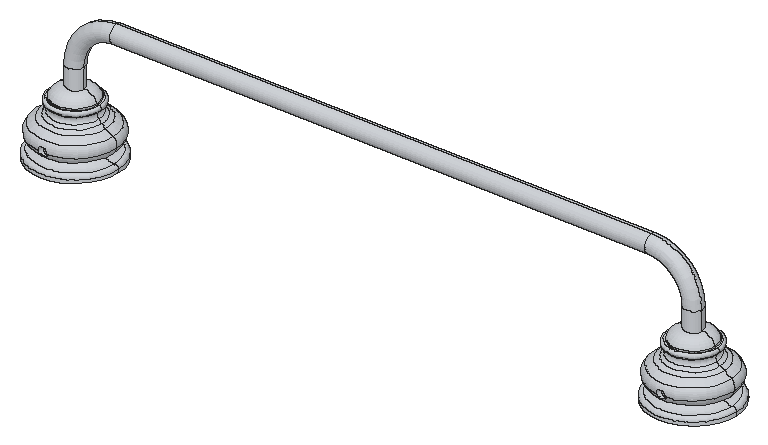
Revit family "Accessory-Towel_Bar-KOHLER-Fairfax-K-12150", category Specialty Equipment, host Face, Revit 2015
Parameters (values of type "CP-Polished Chrome")
  Width = 3 7/8"  # constant formula
  URL = "https://www.us.kohler.com/us/"
  Type = 1
  Product Page URL = "http://www.us.kohler.com/us/catalog/productDetails.jsp?productNumber=12150"
  Product Name = "Fairfax"  # constant formula
  Product Documentation Link = "http://www.us.kohler.com/onlinecatalog/pdf/K-12150_spec.pdf"
  Model = if(Type = 1, "K-12150-CP", if(Type = 2, "K-12150-BN", if(Type = 3, "K-12150-2BZ", "NA")))  # "K-12150-CP"
  Material = "Brass Construction"  # constant formula
  MasterFormat 2004 = "10.28.13"  # constant formula
  MasterFormat 1995 = "10820"  # constant formula
  Manufacturer Address = "444 Highland Dr, Kohler, WI 53044"  # constant formula
  Manufacturer = "KOHLER Co."  # constant formula
  Length = 18"  # constant formula
  Height = 2 1/2"  # constant formula
  Finish = Kohler-Metal-CP-Polished_Chrome
  Environmental Product Declaration = ""
  Description = "18 inch Towel Bar"  # constant formula
  Default Elevation = 42"
  Declare Label = ""
  Date Modified = "11/22/2018"  # constant formula
  Date Created = "11/22/2018"  # constant formula
  Copyright = "Copyright KOHLER Co."  # constant formula
  Contact Us = "https://www.us.kohler.com/us/static/contact.jsp"
  Assembly Code = "C1030200"
  ADA Compliant = 1 = 0  # no
Types (4): name | Type | Model | Finish
  (no name) | 1 | "K-12150-CP" | Kohler-Metal-CP-Polished_Chrome
  CP-Polished Chrome | 1 | "K-12150-CP" | Kohler-Metal-CP-Polished_Chrome
  BN-Vibrant Brushed Nickel | 2 | "K-12150-BN" | Kohler-Metal-BN-Vibrant_Brushed_Nickel
  2BZ-Oil-Rubbed Bronze | 3 | "K-12150-2BZ" | Kohler-Metal-2BZ-Oil_Rubbed_Bronze
Reference planes (in)
  plane 1 "Center (Front/Back)": y = 0
  plane 2: z = 0
  plane 3 "Center (Left/Right)": x = 0
  plane 4: x = -9
  plane 5: x = 9
  plane 6: z = 3.875
  plane 7: x = -10.25
  plane 8: x = -7.75
  plane 9: x = 10.24218
  plane 10: x = 7.74218
  plane 11: y = 1.25
  plane 12: y = -1.25
Dimensions and locks (in)
  "Width": plane 6 to level
  "Height": plane 8 to plane 7
  plane 9 to plane 7 = 20 63/128"
  plane 6 to level = 3 7/8"
  "Length": plane 4 to plane 5
  aligned and locked: plane 2 to host face
  aligned and locked: level to host face
Automatic sketch dimensions
  host sketch curve to host sketch curve = 96"  (x2)
Nested families (in)
  nested 1: "K-12150" at (0, 0, 0), type "K-12150"
Definition of nested family "K-12150"
  Parameters (values of type "K-12150")
    Material = none
  Reference planes (in)
    plane 1 "Center (Front/Back)": y = 0
    plane 2: z = 0
    plane 3 "Center (Left/Right)": x = 0
    plane 4: x = 8.99218
    plane 5: x = -9
    plane 6: x = 10.24218
    plane 7: x = -10.25004
    plane 8: y = 1.25
    plane 9: y = -1.25
    plane 10: z = 3.875
  Forms (in)
    Revolve 1, solid, material <- "Material", detail levels medium+fine
      sketch origin (3.00783, 0, 0) x (1, 0, 0) y (0, 0, 1)
        loop
          line (-13.09326, 0.44291) -> (-12.79925, 0.44291)
          arc (-12.79925, 0.44291) -> (-12.93188, 0.26114) -> (-13.14845, 0.20002) r 0.3445
          arc (-13.14845, 0.20002) -> (-13.22543, 0.17197) -> (-13.25787, 0.09673) r 0.10346
          line (-13.25787, 0.09673) -> (-13.25787, 0) -> (-12.00787, 0) -> (-12.00787, 1.85701) -> (-12.25984, 1.85701)
          arc (-12.25984, 1.85701) -> (-12.49641, 1.78389) -> (-12.64156, 1.58329) r 0.39084
          arc (-12.64156, 1.58329) -> (-12.63857, 1.56527) -> (-12.62226, 1.55701) r 0.02023
          line (-12.62226, 1.55701) -> (-12.69537, 1.55701)
          arc (-12.69537, 1.55701) -> (-12.75214, 1.51857) -> (-12.74053, 1.45101) r 0.06323
          arc (-12.74053, 1.45101) -> (-12.71895, 1.42803) -> (-12.69686, 1.40555) r 1.41987
          arc (-12.69686, 1.40555) -> (-12.65343, 1.30884) -> (-12.68563, 1.20784) r 0.14834
          arc (-12.68563, 1.20784) -> (-12.72881, 1.16137) -> (-12.77842, 1.12183) r 0.42563
          arc (-12.77842, 1.12183) -> (-12.84278, 1.08073) -> (-12.90949, 1.04357) r 1.27084
          arc (-12.90949, 1.04357) -> (-13.01741, 0.97754) -> (-13.11491, 0.89692) r 0.89261
          arc (-13.11491, 0.89692) -> (-13.1933, 0.76067) -> (-13.18518, 0.60369) r 0.27777
          arc (-13.18518, 0.60369) -> (-13.14651, 0.51914) -> (-13.09326, 0.44291) r 0.51489
        axis (-12.00787, 0) -> (-12.00787, 1.85701)
      angle from 0 to 360
    Extrusion 2, void
      sketch origin (3.00783, 0, 0) x (1, 0, 0) y (0, 0, 1)
        loop
          spline (-12.00787, 0.76025) -> (-12.04153, 0.75563) -> (-12.0729, 0.7421) -> (-12.09984, 0.72057) -> (-12.1205, 0.69251) -> (-12.1335, 0.65984) -> (-12.13793, 0.62477) -> (-12.1335, 0.58971) -> (-12.1205, 0.55704) -> (-12.09984, 0.52898) -> (-12.0729, 0.50745) -> (-12.04153, 0.49392) -> (-12.00787, 0.4893)
          spline (-12.00787, 0.4893) -> (-11.97421, 0.49392) -> (-11.94285, 0.50745) -> (-11.91591, 0.52898) -> (-11.89524, 0.55704) -> (-11.88225, 0.58971) -> (-11.87782, 0.62477) -> (-11.88225, 0.65984) -> (-11.89524, 0.69251) -> (-11.91591, 0.72057) -> (-11.94285, 0.7421) -> (-11.97421, 0.75563) -> (-12.00787, 0.76025)
      from 1.02657 to 1.25322
    Revolve 3, solid, material <- "Material", detail levels medium+fine
      sketch origin (-3.01569, 0, 0) x (-1, 0, 0) y (0, 0, 1)
        loop
          line (-13.09326, 0.44291) -> (-12.79925, 0.44291)
          arc (-12.79925, 0.44291) -> (-12.92993, 0.26251) -> (-13.14368, 0.19978) r 0.3445
          arc (-13.14368, 0.19978) -> (-13.22412, 0.16952) -> (-13.25787, 0.09048) r 0.1094
          line (-13.25787, 0.09048) -> (-13.25787, 0) -> (-12.00787, 0) -> (-12.00787, 1.85701) -> (-12.25984, 1.85701)
          arc (-12.25984, 1.85701) -> (-12.49641, 1.78389) -> (-12.64156, 1.58329) r 0.39084
          arc (-12.64156, 1.58329) -> (-12.63857, 1.56527) -> (-12.62226, 1.55701) r 0.02023
          line (-12.62226, 1.55701) -> (-12.69537, 1.55701)
          arc (-12.69537, 1.55701) -> (-12.75214, 1.51857) -> (-12.74053, 1.45101) r 0.06323
          arc (-12.74053, 1.45101) -> (-12.71895, 1.42803) -> (-12.69686, 1.40555) r 1.41987
          arc (-12.69686, 1.40555) -> (-12.65343, 1.30884) -> (-12.68563, 1.20784) r 0.14834
          arc (-12.68563, 1.20784) -> (-12.72881, 1.16137) -> (-12.77842, 1.12183) r 0.42563
          arc (-12.77842, 1.12183) -> (-12.84278, 1.08073) -> (-12.90949, 1.04357) r 1.27084
          arc (-12.90949, 1.04357) -> (-13.01741, 0.97754) -> (-13.11491, 0.89692) r 0.89261
          arc (-13.11491, 0.89692) -> (-13.1933, 0.76067) -> (-13.18518, 0.60369) r 0.27777
          arc (-13.18518, 0.60369) -> (-13.14651, 0.51914) -> (-13.09326, 0.44291) r 0.51489
        axis (-12.00787, 0) -> (-12.00787, 1.85701)
      angle from 0 to 360
    Extrusion 4, void
      sketch origin (-3.01569, 0, 0) x (-1, 0, 0) y (0, 0, -1)
        loop
          spline (-12.00787, -0.76025) -> (-11.97421, -0.75563) -> (-11.94285, -0.7421) -> (-11.91591, -0.72057) -> (-11.89524, -0.69251) -> (-11.88225, -0.65984) -> (-11.87782, -0.62477) -> (-11.88225, -0.58971) -> (-11.89524, -0.55704) -> (-11.91591, -0.52898) -> (-11.94285, -0.50745) -> (-11.97421, -0.49392) -> (-12.00787, -0.4893)
          spline (-12.00787, -0.4893) -> (-12.04153, -0.49392) -> (-12.0729, -0.50745) -> (-12.09984, -0.52898) -> (-12.1205, -0.55704) -> (-12.1335, -0.58971) -> (-12.13793, -0.62477) -> (-12.1335, -0.65984) -> (-12.1205, -0.69251) -> (-12.09984, -0.72057) -> (-12.0729, -0.7421) -> (-12.04153, -0.75563) -> (-12.00787, -0.76025)
      from 1.02657 to 1.25322
    Sweep 5, solid, material <- "Material", detail levels medium+fine
      path origin (0, 0, 0.01405) x (1, 0, 0) y (0, 0, 1)
        loop
          line (-9, 1.81074) -> (-9, 2.40023)
          arc (-9, 2.40023) -> (-8.64597, 3.25495) -> (-7.79125, 3.60898) r 1.20875
          line (-7.79125, 3.60898) -> (7.78343, 3.60898)
          arc (7.78343, 3.60898) -> (8.63815, 3.25495) -> (8.99218, 2.40023) r 1.20875
          line (8.99218, 2.40023) -> (8.99218, 1.80843)
      profile origin (-9, 0, 1.82479) x (-1, 0, 0) y (0, -1, 0)
        loop
          circle (0, 0) r 0.25196
    Revolve 6, solid, material <- "Material", detail levels coarse
      sketch origin (2.99996, 0, 0) x (1, 0, 0) y (0, 0, 1)
        loop
          line (-13.36683, 0) -> (-12, 0) -> (-12, 1.90569) -> (-12.79137, 1.90569) -> (-12.79137, 1.55475) -> (-13.25, 1.55475) -> (-13.25, 0.30475) -> (-13.36683, 0.30475) -> (-13.36683, 0)
        axis (-12, 1.90569) -> (-12, 0)
      angle from 0 to 360
    Revolve 7, solid, material <- "Material", detail levels coarse
      sketch origin (-3.00782, 0, 0) x (-1, 0, 0) y (0, 0, 1)
        loop
          line (-13.36683, 0) -> (-12, 0) -> (-12, 1.90569) -> (-12.79137, 1.90569) -> (-12.79137, 1.55475) -> (-13.25, 1.55475) -> (-13.25, 0.30475) -> (-13.36683, 0.30475) -> (-13.36683, 0)
        axis (-12, 1.90569) -> (-12, 0)
      angle from 0 to 360
    Sweep 8, solid, material <- "Material", detail levels coarse
      path origin (0, 0, 0) x (1, 0, 0) y (0, 0, 1)
        loop
          line (-9, 1.90569) -> (-9, 2.35701)
          arc (-9, 2.35701) -> (-8.63388, 3.24089) -> (-7.75, 3.60701) r 1.25
          line (-7.75, 3.60701) -> (7.74213, 3.60701)
          arc (7.74213, 3.60701) -> (8.62601, 3.24089) -> (8.99213, 2.35701) r 1.25
          line (8.99213, 2.35701) -> (8.99213, 1.90569)
      profile origin (-9, 0, 1.90569) x (-1, 0, 0) y (0, -1, 0)
        loop
          circle (0, 0) r 0.43272
  Cuts and joins
    Extrusion 2 cuts Revolve 1
    Extrusion 4 cuts Revolve 3
    joined: Revolve 1, Revolve 3, Sweep 5
    joined: Revolve 6, Revolve 7, Sweep 8
  Lines and regions (in)
    Masking region 1
      outline origin (-4.68325, 0, 0) x (1, 0, 0) y (0, 0, 1)
        loop
          line (14.92543, 0) -> (14.92543, 0.09056)
          arc (14.92543, 0.09056) -> (14.89322, 0.16805) -> (14.81557, 0.19985) r 0.10929
          line (14.81557, 0.19985) -> (14.77719, 0.19985)
          arc (14.77719, 0.19985) -> (14.5838, 0.27261) -> (14.46681, 0.44291) r 0.34455
          line (14.46681, 0.44291) -> (14.76082, 0.44291)
          arc (14.76082, 0.44291) -> (14.79797, 0.49317) -> (14.8283, 0.54781) r 0.48086
          arc (14.8283, 0.54781) -> (14.85038, 0.60316) -> (14.86544, 0.66082) r 0.48086
          arc (14.86544, 0.66082) -> (14.86766, 0.73391) -> (14.84632, 0.80385) r 0.22496
          arc (14.84632, 0.80385) -> (14.79027, 0.88765) -> (14.71457, 0.95421) r 0.38872
          arc (14.71457, 0.95421) -> (14.62503, 1.01665) -> (14.52967, 1.06975) r 1.08316
          arc (14.52967, 1.06975) -> (14.43477, 1.12931) -> (14.35403, 1.20698) r 0.54606
          arc (14.35403, 1.20698) -> (14.31986, 1.30028) -> (14.35403, 1.39358) r 0.14448
          arc (14.35403, 1.39358) -> (14.38168, 1.4236) -> (14.4097, 1.45327) r 3.3
          arc (14.4097, 1.45327) -> (14.42488, 1.49165) -> (14.41241, 1.53099) r 0.06157
          arc (14.41241, 1.53099) -> (14.39057, 1.54951) -> (14.36293, 1.55701) r 0.0659
          line (14.36293, 1.55701) -> (14.29016, 1.55701)
          arc (14.29016, 1.55701) -> (14.30614, 1.56519) -> (14.30914, 1.58289) r 0.02002
          arc (14.30914, 1.58289) -> (14.16453, 1.78437) -> (13.9274, 1.85701) r 0.38776
          line (13.9274, 1.85701) -> (13.9274, 2.41194)
          arc (13.9274, 2.41194) -> (13.49887, 3.44648) -> (12.46434, 3.875) r 1.46306
          line (12.46434, 3.875) -> (-3.1057, 3.875)
          arc (-3.1057, 3.875) -> (-4.14023, 3.44648) -> (-4.56876, 2.41194) r 1.46306
          line (-4.56876, 2.41194) -> (-4.56876, 1.85701)
          arc (-4.56876, 1.85701) -> (-4.80589, 1.78437) -> (-4.9505, 1.58289) r 0.38776
          arc (-4.9505, 1.58289) -> (-4.9475, 1.56519) -> (-4.93152, 1.55701) r 0.02002
          line (-4.93152, 1.55701) -> (-5.00429, 1.55701)
          arc (-5.00429, 1.55701) -> (-5.03193, 1.54951) -> (-5.05377, 1.53099) r 0.0659
          arc (-5.05377, 1.53099) -> (-5.06624, 1.49165) -> (-5.05106, 1.45327) r 0.06157
          arc (-5.05106, 1.45327) -> (-5.02304, 1.4236) -> (-4.99539, 1.39358) r 3.3
          arc (-4.99539, 1.39358) -> (-4.96122, 1.30028) -> (-4.99539, 1.20698) r 0.14448
          arc (-4.99539, 1.20698) -> (-5.07613, 1.12931) -> (-5.17103, 1.06975) r 0.54606
          arc (-5.17103, 1.06975) -> (-5.26639, 1.01665) -> (-5.35593, 0.95421) r 1.08316
          arc (-5.35593, 0.95421) -> (-5.43163, 0.88765) -> (-5.48768, 0.80385) r 0.38872
          arc (-5.48768, 0.80385) -> (-5.50902, 0.73391) -> (-5.5068, 0.66082) r 0.22496
          arc (-5.5068, 0.66082) -> (-5.49174, 0.60316) -> (-5.46966, 0.54781) r 0.48086
          arc (-5.46966, 0.54781) -> (-5.43933, 0.49317) -> (-5.40218, 0.44291) r 0.48086
          line (-5.40218, 0.44291) -> (-5.10817, 0.44291)
          arc (-5.10817, 0.44291) -> (-5.22516, 0.27261) -> (-5.41855, 0.19985) r 0.34455
          line (-5.41855, 0.19985) -> (-5.45692, 0.19985)
          arc (-5.45692, 0.19985) -> (-5.53458, 0.16805) -> (-5.56679, 0.09056) r 0.10929
          line (-5.56679, 0.09056) -> (-5.56679, 0) -> (-3.06679, 0) -> (-3.06679, 0.09056)
          arc (-3.06679, 0.09056) -> (-3.09901, 0.16805) -> (-3.17666, 0.19985) r 0.10929
          line (-3.17666, 0.19985) -> (-3.21504, 0.19985)
          arc (-3.21504, 0.19985) -> (-3.40842, 0.27261) -> (-3.52542, 0.44291) r 0.34455
          line (-3.52542, 0.44291) -> (-3.23141, 0.44291)
          arc (-3.23141, 0.44291) -> (-3.19425, 0.49317) -> (-3.16393, 0.54781) r 0.48086
          arc (-3.16393, 0.54781) -> (-3.14185, 0.60316) -> (-3.12678, 0.66082) r 0.48086
          arc (-3.12678, 0.66082) -> (-3.12456, 0.73391) -> (-3.14591, 0.80385) r 0.22496
          arc (-3.14591, 0.80385) -> (-3.20195, 0.88765) -> (-3.27766, 0.95421) r 0.38872
          arc (-3.27766, 0.95421) -> (-3.36719, 1.01665) -> (-3.46255, 1.06975) r 1.08316
          arc (-3.46255, 1.06975) -> (-3.55745, 1.12931) -> (-3.63819, 1.20698) r 0.54606
          arc (-3.63819, 1.20698) -> (-3.67236, 1.30028) -> (-3.63819, 1.39358) r 0.14448
          arc (-3.63819, 1.39358) -> (-3.61055, 1.4236) -> (-3.58253, 1.45327) r 3.3
          arc (-3.58253, 1.45327) -> (-3.56735, 1.49165) -> (-3.57981, 1.53099) r 0.06157
          arc (-3.57981, 1.53099) -> (-3.60166, 1.54951) -> (-3.62929, 1.55701) r 0.0659
          line (-3.62929, 1.55701) -> (-3.70206, 1.55701)
          arc (-3.70206, 1.55701) -> (-3.68608, 1.56519) -> (-3.68309, 1.58289) r 0.02002
          arc (-3.68309, 1.58289) -> (-3.8277, 1.78437) -> (-4.06483, 1.85701) r 0.38776
          line (-4.06483, 1.85701) -> (-4.06483, 2.42183)
          arc (-4.06483, 2.42183) -> (-3.80827, 3.0717) -> (-3.17697, 3.37107) r 0.95137
          line (-3.17697, 3.37107) -> (12.4086, 3.37107)
          arc (12.4086, 3.37107) -> (13.12198, 3.11664) -> (13.42347, 2.42183) r 0.95137
          line (13.42347, 2.42183) -> (13.42347, 1.85701)
          arc (13.42347, 1.85701) -> (13.18634, 1.78437) -> (13.04173, 1.58289) r 0.38776
          arc (13.04173, 1.58289) -> (13.04472, 1.56519) -> (13.0607, 1.55701) r 0.02002
          line (13.0607, 1.55701) -> (12.98793, 1.55701)
          arc (12.98793, 1.55701) -> (12.9603, 1.54951) -> (12.93845, 1.53099) r 0.0659
          arc (12.93845, 1.53099) -> (12.92599, 1.49165) -> (12.94117, 1.45327) r 0.06157
          arc (12.94117, 1.45327) -> (12.96919, 1.4236) -> (12.99683, 1.39358) r 3.3
          arc (12.99683, 1.39358) -> (13.031, 1.30028) -> (12.99683, 1.20698) r 0.14448
          arc (12.99683, 1.20698) -> (12.91609, 1.12931) -> (12.82119, 1.06975) r 0.54606
          arc (12.82119, 1.06975) -> (12.72583, 1.01665) -> (12.6363, 0.95421) r 1.08316
          arc (12.6363, 0.95421) -> (12.56059, 0.88765) -> (12.50455, 0.80385) r 0.38872
          arc (12.50455, 0.80385) -> (12.4832, 0.73391) -> (12.48542, 0.66082) r 0.22496
          arc (12.48542, 0.66082) -> (12.50049, 0.60316) -> (12.52257, 0.54781) r 0.48086
          arc (12.52257, 0.54781) -> (12.55289, 0.49317) -> (12.59005, 0.44291) r 0.48086
          line (12.59005, 0.44291) -> (12.88406, 0.44291)
          arc (12.88406, 0.44291) -> (12.76706, 0.27261) -> (12.57368, 0.19985) r 0.34455
          line (12.57368, 0.19985) -> (12.5353, 0.19985)
          arc (12.5353, 0.19985) -> (12.45765, 0.16805) -> (12.42543, 0.09056) r 0.10929
          line (12.42543, 0.09056) -> (12.42543, 0) -> (14.92543, 0)
    Masking region 2
      outline origin (0, 0, 0) x (1, 0, 0) y (0, 1, 0)
        loop
          arc (7.76784, -0.25196) -> (8.20239, -0.96888) -> (8.99218, -1.25) r 1.25
          arc (8.99218, -1.25) -> (9.87606, -0.88388) -> (10.24218, 0) r 1.25
          arc (10.24218, 0) -> (9.87606, 0.88388) -> (8.99218, 1.25) r 1.25
          arc (8.99218, 1.25) -> (8.20239, 0.96888) -> (7.76784, 0.25196) r 1.25
          line (7.76784, 0.25196) -> (-7.77548, 0.25196)
          arc (-7.77548, 0.25196) -> (-8.21006, 0.96888) -> (-8.99988, 1.25) r 1.25007
          arc (-8.99988, 1.25) -> (-9.88382, 0.88389) -> (-10.25004, 0) r 1.25017
          arc (-10.25004, 0) -> (-9.88382, -0.88389) -> (-8.99988, -1.25) r 1.25017
          arc (-8.99988, -1.25) -> (-8.2101, -0.96886) -> (-7.77554, -0.25196) r 1.25007
          line (-7.77554, -0.25196) -> (7.76784, -0.25196)
    Masking region 3
      outline origin (0, 0, 0) x (0, 1, 0) y (0, 0, 1)
        loop
          line (0.79139, 0.44291) -> (1.08539, 0.44291)
          arc (1.08539, 0.44291) -> (1.15468, 0.55214) -> (1.19212, 0.67596) r 0.47768
          arc (1.19212, 0.67596) -> (1.18467, 0.76203) -> (1.15084, 0.84153) r 0.27455
          arc (1.15084, 0.84153) -> (1.09683, 0.90547) -> (1.03288, 0.95948) r 0.49879
          arc (1.03288, 0.95948) -> (0.95704, 1.01165) -> (0.8769, 1.05695) r 1.04867
          arc (0.8769, 1.05695) -> (0.78687, 1.11101) -> (0.70528, 1.17712) r 0.7498
          arc (0.70528, 1.17712) -> (0.66865, 1.2232) -> (0.64706, 1.27797) r 0.1995
          arc (0.64706, 1.27797) -> (0.64944, 1.3333) -> (0.67155, 1.38407) r 0.15151
          arc (0.67155, 1.38407) -> (0.7013, 1.41823) -> (0.73265, 1.45093) r 0.95052
          arc (0.73265, 1.45093) -> (0.74514, 1.5189) -> (0.6875, 1.55701) r 0.06265
          line (0.6875, 1.55701) -> (0.61667, 1.55701)
          arc (0.61667, 1.55701) -> (0.63149, 1.56456) -> (0.63429, 1.58093) r 0.01843
          arc (0.63429, 1.58093) -> (0.48943, 1.78309) -> (0.25196, 1.85701) r 0.39103
          line (0.25196, 1.85701) -> (0.25196, 3.62343)
          arc (0.25196, 3.62343) -> (0.17814, 3.80145) -> (0, 3.875) r 0.25157
          arc (0, 3.875) -> (-0.17814, 3.80145) -> (-0.25196, 3.62343) r 0.25157
          line (-0.25196, 3.62343) -> (-0.25196, 1.85701)
          arc (-0.25196, 1.85701) -> (-0.48943, 1.78309) -> (-0.63429, 1.58093) r 0.39103
          arc (-0.63429, 1.58093) -> (-0.63149, 1.56456) -> (-0.61667, 1.55708) r 0.01843
          line (-0.61667, 1.55708) -> (-0.6875, 1.55701)
          arc (-0.6875, 1.55701) -> (-0.74514, 1.5189) -> (-0.73265, 1.45093) r 0.06265
          arc (-0.73265, 1.45093) -> (-0.7013, 1.41823) -> (-0.67155, 1.38407) r 0.95052
          arc (-0.67155, 1.38407) -> (-0.64944, 1.3333) -> (-0.64706, 1.27797) r 0.15151
          arc (-0.64706, 1.27797) -> (-0.66865, 1.2232) -> (-0.70528, 1.17712) r 0.1995
          arc (-0.70528, 1.17712) -> (-0.78687, 1.11101) -> (-0.8769, 1.05695) r 0.7498
          arc (-0.8769, 1.05695) -> (-0.95704, 1.01165) -> (-1.03288, 0.95948) r 1.04867
          arc (-1.03288, 0.95948) -> (-1.09683, 0.90547) -> (-1.15084, 0.84153) r 0.49879
          arc (-1.15084, 0.84153) -> (-1.18467, 0.76203) -> (-1.19212, 0.67596) r 0.27455
          arc (-1.19212, 0.67596) -> (-1.15468, 0.55214) -> (-1.08539, 0.44291) r 0.47768
          line (-1.08539, 0.44291) -> (-0.79139, 0.44291)
          arc (-0.79139, 0.44291) -> (-0.90685, 0.27444) -> (-1.09712, 0.20019) r 0.34673
          line (-1.09712, 0.20019) -> (-1.14821, 0.20019)
          arc (-1.14821, 0.20019) -> (-1.22025, 0.16964) -> (-1.25, 0.09726) r 0.10294
          line (-1.25, 0.09726) -> (-1.25, 0) -> (0, 0) -> (1.25, 0) -> (1.25, 0.09726)
          arc (1.25, 0.09726) -> (1.22025, 0.16964) -> (1.14821, 0.20019) r 0.10294
          line (1.14821, 0.20019) -> (1.09712, 0.20019)
          arc (1.09712, 0.20019) -> (0.90685, 0.27444) -> (0.79139, 0.44291) r 0.34673
    symbolic lines, detail levels medium+fine
      curve 1: line (-9.25201, 0, 1.85701) -> (-8.74808, 0, 1.85701)
      curve 2: line (-9.68754, 0, 1.55701) -> (-8.38566, 0, 1.55701)
      curve 3: line (-9.79142, 0, 0.44291) -> (-8.20867, 0, 0.44291)
      curve 4: line (-10.1018, 0, 0.19985) -> (-7.89829, 0, 0.19985)
      curve 5: line (9.25201, 0, 1.85701) -> (8.74808, 0, 1.85701)
      curve 6: line (9.68754, 0, 1.55701) -> (8.38566, 0, 1.55701)
      curve 7: line (9.79142, 0, 0.44291) -> (8.20867, 0, 0.44291)
      curve 8: line (10.1018, 0, 0.19985) -> (7.89829, 0, 0.19985)
      curve 9: arc (-9, -0.25196, 0) -> (-9.17816, -0.17816, 0) -> (-9.25196, 0, 0) r 0.25196
      curve 10: arc (-9.25196, 0, 0) -> (-9.17816, 0.17816, 0) -> (-9, 0.25196, 0) r 0.25196
      curve 11: arc (-9.6875, 0, 0) -> (-9.12823, -0.67544, 0) -> (-8.36034, -0.25196, 0) r 0.6875
      curve 12: arc (-7.83218, 0.25196, 0) -> (-10.1947, 0, 0) -> (-7.83218, -0.25196, 0) r 1.1947
      curve 13: line (-9, 0.25196, 0) -> (-7.77566, 0.25196, 0)
      curve 14: line (-7.77566, -0.25196, 0) -> (-9, -0.25196, 0)
      curve 15: arc (-8.29359, 0.25196, 0) -> (-9.75, 0, 0) -> (-8.29359, -0.25196, 0) r 0.75
      curve 16: arc (-8.36034, 0.25196, 0) -> (-9.12823, 0.67544, 0) -> (-9.6875, 0, 0) r 0.6875
      curve 17: arc (-8.40558, 0.25196, 0) -> (-9.64562, 0, 0) -> (-8.40558, -0.25196, 0) r 0.64562
      curve 18: arc (8.99218, -0.25196, 0) -> (9.17034, -0.17816, 0) -> (9.24414, 0, 0) r 0.25196
      curve 19: arc (9.24414, 0, 0) -> (9.17034, 0.17816, 0) -> (8.99218, 0.25196, 0) r 0.25196
      curve 20: arc (9.67968, 0, 0) -> (9.12041, -0.67544, 0) -> (8.35251, -0.25196, 0) r 0.6875
      curve 21: arc (7.82435, 0.25196, 0) -> (10.18688, 0, 0) -> (7.82435, -0.25196, 0) r 1.1947
      curve 22: line (8.99218, 0.25196, 0) -> (7.76784, 0.25196, 0)
      curve 23: line (7.76784, -0.25196, 0) -> (8.99218, -0.25196, 0)
      curve 24: arc (8.28577, 0.25196, 0) -> (9.74218, 0, 0) -> (8.28577, -0.25196, 0) r 0.75
      curve 25: arc (8.35251, 0.25196, 0) -> (9.12041, 0.67544, 0) -> (9.67968, 0, 0) r 0.6875
      curve 26: arc (8.39776, 0.25196, 0) -> (9.6378, 0, 0) -> (8.39776, -0.25196, 0) r 0.64562
      curve 27: line (0, 0.25196, 1.85701) -> (0, -0.25196, 1.85701)
      curve 28: line (0, 0.61439, 1.55701) -> (0, -0.64082, 1.55701)
      curve 29: line (0, 0.79139, 0.44291) -> (0, -0.79139, 0.44291)
      curve 30: line (0, 1.09712, 0.20019) -> (0, -1.09712, 0.20019)
  Dimensions and locks (in)
    plane 5 to plane 4 = 17 127/128"
    plane 7 to plane 6 = 20.49222"
    plane 8 to plane 9 = 2 1/2"  (x2)
    plane 10 to level = 3 7/8"
    aligned and locked: plane 2 to level
